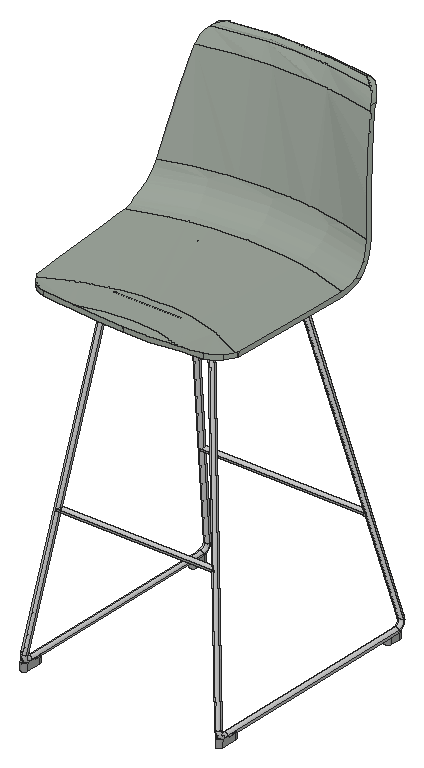
Revit family "FU_Stool_Sandler_VARYA_0069-PP", category Furniture, Revit 2020
Family settings
  OmniClass Number = 23.21.23.15.17
  Work Plane-Based = Yes
  Always vertical = No
  Cut with Voids When Loaded = No
  Shared = No
  Room Calculation Point = No
Parameters (values of type "VARYA 0069-PP")
  width = 465.000 mm
  Youtube clip = ""
  Uniformat II Description = "Movable Furnishings"
  Uniformat II Code = ""
  Uniclass 2015 Name = ""
  Uniclass 2015 Code = ""
  Uniclass 2.0 Description = ""
  Uniclass 2.0 Code = ""
  Uniclass 1.4 Description = ""
  Uniclass 1.4 Code = ""
  URL = "https://www.sandlerseating.com/product/varya-0069-pp/"
  UNSPSC Code = ""
  Shell = TP01 : TP01
  Height = 1120.000 mm
  Frame = BS19_Sled : BS19_Sled
  Technical description = ""
  Shell Material = Polypropylene - M2_V74
  Height Frame = 753.100 mm
  Frame Material = Metal - Chrome - Polished
  Depth = 515.000 mm
  401D = no
  Region South America = "All"
  Region Oceania = "All"
  Region North America = "All"
  Region Middle East = "All"
  Region Europe = "All"
  Region Asia = "All"
  Region Antarctica = "All"
  Region Africa = "All"
  QR code = "https://www.sandlerseating.com/product/varya-0069-pp/"
  Product url = ""
  Product name = "VARYA 0069-PP"
  Product group = "Stool"
  Product family = "Furniture"
  Product data url = "https://www.sandlerseating.com/product/varya-0069-pp/"
  Product certification = ""
  Product SKU = "??"
  Product Guid = "??"
  OmniClass Description = ""
  OmniClass Code = "23-21 23 15 17"
  NBS Reference Description = ""
  NBS Reference Code = ""
  Model = "VARYA 0069-PP"
  Masterformat 2014 Description = "Chair Mats"
  Masterformat 2014 Code = "12 48 43.13"
  Manufacturer name = "Sandler"
  Manufacturer country = "USA"
  Manufacturer = "Sandler"
  401G = no
  Installation instructions = ""
  IFC Classification = "Furnishing Element"
  GTIN code = ""
  Edition number = 1
  Design country = ""
  Description = "High back barstool with polypropylene shell and round steel tube sled base. Greenguard Certified."
  Default Elevation = 1219.200 mm
  Date of publishing = ""
  COBIe Type Category = ""
  Brand url = "https://www.sandlerseating.com/"
  BIMobject main category code = "furniture"
  BIMobject main category = "Furniture"
  BIMobject category code = "furniture-chair"
  BIMobject category = "Chair"
Reference planes
  plane 1 "Center Front/Back": y = 0
  plane 2: z = 0
  plane 3 "Center Left/Right": x = 0
  plane 4 "Heigth Shell": z = 753.1
  plane 5 "Height": z = 1120
  plane 6 "Front": y = -257.5
  plane 7 "Back": y = 257.5
  plane 8 "Right": x = -232.5
  plane 9 "Left": x = 232.5
Dimensions and locks
  equal spacing: plane 8 "Right", plane 3 "Center Left/Right", plane 9 "Left"
  "width": plane 8 "Right" to plane 9 "Left"
  equal spacing: plane 6 "Front", plane 1 "Center Front/Back", plane 7 "Back"
  "Depth": plane 6 "Front" to plane 7 "Back"
  "Height": plane 5 "Height" to level
  aligned and locked: level to plane 2
Nested families
  nested 1: "BS19_Sled" at (1.648, 1.25, 0), type <- "Frame", Frame Material <- "Frame Material", type "BS19_Sled"
    with Frame Material Metal - Chrome - Polished
  nested 2: "TP01" at (0, 15, 707.354), type <- "Shell", Shell Material <- "Shell Material", type "TP01"
    with Shell Material Polypropylene - M2_V74
Definition of nested family "BS19_Sled"
  Parameters (values of type "BS19_Sled")
    Frame Material [instance] = none
    Default Elevation = 0.000 mm
  Reference planes
    plane 1 "Center (Front/Back)": y = 0
    plane 2: z = 0
    plane 3 "Center (Left/Right)": x = 0
    plane 4 "Sled Right": x = -221
    plane 5 "Sled Left": x = 221
    plane 6 "Sled Back": y = 257.586
    plane 7 "Sled Front": y = -257.586
    plane 8 "Sled Base RC TOP": x = -215.033
    plane 9 "Sled Base LC TOP": x = 215.033
    plane 10 "Sled Base Height RIGHT": z = 33.049
    plane 11 "FRL Angle FRONT": through (-117.028, -1524, 733) normal (0.9907, 0, -0.1364)
    plane 12 "FLL Angle FRONT": through (117.028, -1524, 733) normal (0.9907, 0, 0.1364)
    plane 13 "Front Frame Top FRONT": z = 746.578
    plane 14 "Front Angle RIGHT": through (4267.2, -144.488, 746.726) normal (0, 0.9889, -0.1484)
    plane 15 "Sled Base C RIGHT": z = 15.919
    plane 16 "Back Frame Angle C RIGHT": through (4267.2, 83.284, 734.626) normal (0, 0.9724, 0.2333)
    plane 17 "Back Frame Top": z = 734.626
    plane 18 "Top Support C TOP": x = -90.021
  Forms (mm)
    Sweep 1, solid, material <- "Frame Material"
      path origin (213.878, 0, 29.442) x (-0.136372, 0, 0.990658) y (0, -1, 0)
        loop
          line (8.696, 250.6) -> (3.75, 251.335)
          arc (3.75, 251.335) -> (-8.277, 247.877) -> (-13.497, 236.504) r 15
          line (-13.497, 236.504) -> (-13.497, -235.191)
          arc (-13.497, -235.191) -> (-7.39, -247.765) -> (6.269, -250.741) r 16
      profile "Pro_Circles : 12mm" origin (213.029, -250.968, 35.607) x (-0.020045, -0.989139, 0.145613) y (-0.990658, 0, -0.136372)
        loop
          arc (-5.967, 0.067) -> (-4.287, -4.192) -> (-0.067, -5.967) r 5.901
          arc (-0.067, -5.967) -> (4.24, -4.24) -> (5.967, 0.067) r 5.902
          arc (5.967, 0.067) -> (4.192, 4.286) -> (-0.067, 5.967) r 5.901
          arc (-0.067, 5.967) -> (-4.238, 4.238) -> (-5.967, 0.067) r 5.9
    Sweep 2, solid, material <- "Frame Material"
      path origin (0, -250.895, 37.65) x (0, 0.148402, 0.988927) y (1, 0, 0)
        loop
          line (-4.182, -213.234) -> (703.99, -114.657)
          arc (703.99, -114.657) -> (713.236, -109.649) -> (716.922, -99.801) r 15
          line (716.922, -99.801) -> (716.922, 99.801)
          arc (716.922, 99.801) -> (713.236, 109.649) -> (703.99, 114.657) r 15
          line (703.99, 114.657) -> (-4.182, 213.234)
      profile "Pro_Circles : 12mm" origin (-163.946, -198.968, 383.68) x (0.99045, -0.02046, -0.136343) y (0, 0.988927, -0.148402)
        loop
          arc (-5.967, 0.067) -> (-4.287, -4.192) -> (-0.067, -5.967) r 5.901
          arc (-0.067, -5.967) -> (4.24, -4.24) -> (5.967, 0.067) r 5.902
          arc (5.967, 0.067) -> (4.192, 4.286) -> (-0.067, 5.967) r 5.901
          arc (-0.067, 5.967) -> (-4.238, 4.238) -> (-5.967, 0.067) r 5.9
    Sweep 3, solid, material <- "Frame Material"
      path origin (-213.878, 0, 29.442) x (0.136372, 0, 0.990658) y (0, -1, 0)
        loop
          line (8.696, 250.6) -> (3.75, 251.335)
          arc (3.75, 251.335) -> (-8.277, 247.877) -> (-13.497, 236.504) r 15
          line (-13.497, 236.504) -> (-13.497, -235.191)
          arc (-13.497, -235.191) -> (-7.39, -247.765) -> (6.269, -250.741) r 16
      profile "Pro_Circles : 12mm" origin (-213.029, -250.968, 35.607) x (-0.020045, 0.989139, -0.145613) y (0.990658, 0, -0.136372)
        loop
          arc (5.967, 0.067) -> (4.238, 4.238) -> (0.067, 5.967) r 5.9
          arc (0.067, 5.967) -> (-4.192, 4.286) -> (-5.967, 0.067) r 5.901
          arc (-5.967, 0.067) -> (-4.24, -4.24) -> (0.067, -5.967) r 5.902
          arc (0.067, -5.967) -> (4.287, -4.192) -> (5.967, 0.067) r 5.901
    Sweep 4, solid, material <- "Frame Material"
      path origin (0, 245.392, 58.867) x (0, -0.233272, 0.972411) y (1, 0, 0)
        loop
          line (-26.527, -213.399) -> (681.237, -119.033)
          arc (681.237, -119.033) -> (691.543, -113.259) -> (695.078, -101.987) r 16
          line (695.078, -101.987) -> (687.493, 0) -> (695.078, 101.987)
          arc (695.078, 101.987) -> (691.543, 113.259) -> (681.237, 119.033) r 16
          line (681.237, 119.033) -> (-26.527, 213.399)
      profile "Pro_Circles : 12mm" origin (-166.216, 169.029, 377.191) x (0.991228, 0.030829, -0.128514) y (0, 0.972411, 0.233272)
        loop
          arc (-5.967, 0.067) -> (-4.287, -4.192) -> (-0.067, -5.967) r 5.901
          arc (-0.067, -5.967) -> (4.24, -4.24) -> (5.967, 0.067) r 5.902
          arc (5.967, 0.067) -> (4.192, 4.286) -> (-0.067, 5.967) r 5.901
          arc (-0.067, 5.967) -> (-4.238, 4.238) -> (-5.967, 0.067) r 5.9
    Extrusion 5, solid, material <- "Frame Material"
      sketch origin (0, 0, 0) x (0, 1, 0) y (0, 0, 1)
        loop
          circle (-209.077, 316.163) r 6
      from -174 to 174
    Extrusion 6, solid, material <- "Frame Material"
      sketch origin (0, 0, 0) x (0, 1, 0) y (0, 0, 1)
        loop
          circle (198.973, 252.367) r 6
      from -182 to 182
    Sweep 7, solid, material <- "Frame Material"
      path origin (-90.021, 0, 0) x (0, -1, 0) y (0, 0, 1)
        loop
          line (144.488, 746.726) -> (-83.284, 734.626)
      profile origin (-90.021, -30.602, 740.676) x (0, -0.053049, -0.998592) y (-1, 0, 0)
        loop
          arc (5.752, 5.979) -> (0, 11.731) -> (-5.752, 5.979) r 5.752
          line (-5.752, 5.979) -> (-5.752, -5.979)
          arc (-5.752, -5.979) -> (0, -11.731) -> (5.752, -5.979) r 5.752
          line (5.752, -5.979) -> (5.752, 5.979)
    Sweep 8, solid, material <- "Frame Material"
      path origin (90.021, 0, 0) x (0, -1, 0) y (0, 0, -1)
        loop
          line (144.488, -746.726) -> (-83.284, -734.626)
      profile origin (90.021, -30.602, 740.676) x (0, 0.053049, 0.998592) y (1, 0, 0)
        loop
          line (-5.752, 5.979) -> (-5.752, -5.979)
          arc (-5.752, -5.979) -> (0, -11.731) -> (5.752, -5.979) r 5.752
          line (5.752, -5.979) -> (5.752, 5.979)
          arc (5.752, 5.979) -> (0, 11.731) -> (-5.752, 5.979) r 5.752
    Extrusion 9, solid
      sketch origin (0, 0, 0) x (1, 0, 0) y (0, 1, 0)
        loop
          arc (-207.533, -215.596) -> (-215.033, -208.096) -> (-222.533, -215.596) r 7.5
          line (-222.533, -215.596) -> (-222.533, -249.153)
          arc (-222.533, -249.153) -> (-215.033, -256.653) -> (-207.533, -249.153) r 7.5
          line (-207.533, -249.153) -> (-207.533, -215.596)
      from 0 to 15.919
    Extrusion 10, solid
      sketch origin (0, -12.421, 0) x (1, 0, 0) y (0, 1, 0)
        loop
          line (-207.533, 227.471) -> (-207.533, 249.153)
          arc (-207.533, 249.153) -> (-215.033, 256.653) -> (-222.533, 249.153) r 7.5
          line (-222.533, 249.153) -> (-222.533, 227.471)
          arc (-222.533, 227.471) -> (-215.033, 219.971) -> (-207.533, 227.471) r 7.5
      from 0 to 15.919
    Extrusion 11, solid
      sketch origin (0, 0, 0) x (-1, 0, 0) y (0, -1, 0)
        loop
          line (-207.533, 215.596) -> (-207.533, 249.153)
          arc (-207.533, 249.153) -> (-215.033, 256.653) -> (-222.533, 249.153) r 7.5
          line (-222.533, 249.153) -> (-222.533, 215.596)
          arc (-222.533, 215.596) -> (-215.033, 208.096) -> (-207.533, 215.596) r 7.5
      from 0 to 15.919
    Extrusion 12, solid
      sketch origin (0, -12.421, 0) x (-1, 0, 0) y (0, -1, 0)
        loop
          arc (-207.533, -227.471) -> (-215.033, -219.971) -> (-222.533, -227.471) r 7.5
          line (-222.533, -227.471) -> (-222.533, -249.153)
          arc (-222.533, -249.153) -> (-215.033, -256.653) -> (-207.533, -249.153) r 7.5
          line (-207.533, -249.153) -> (-207.533, -227.471)
      from 0 to 15.919
  Dimensions and locks
    equal spacing: plane 4 "Sled Right", plane 3 "Center (Left/Right)", plane 5 "Sled Left"
    plane 4 "Sled Right" to plane 5 "Sled Left" = 442.000 mm
    equal spacing: plane 6 "Sled Back", plane 1 "Center (Front/Back)", plane 7 "Sled Front"
    plane 6 "Sled Back" to plane 7 "Sled Front" = 515.171 mm
    aligned and locked: level to plane 2
  Automatic sketch dimensions
    Sweep 1 sketch curve to plane 7 "Sled Front" = 21.082 mm
    Sweep 1 sketch curve to Sweep 1 sketch curve = 15.000 mm
    Sweep 1 sketch curve to Sweep 1 sketch curve = 16.000 mm
    Sweep 1 sketch curve to plane 7 "Sled Front" = 6.251 mm
    plane 6 "Sled Back" to Sweep 1 sketch curve = 22.395 mm
    plane 6 "Sled Back" to Sweep 1 sketch curve = 6.844 mm
    Sweep 1 sketch curve to plane 7 "Sled Front" = 6.986 mm
    Sweep 1 sketch curve to Sweep 1 sketch curve = 4.946 mm
    plane 3 "Center (Left/Right)" to Sweep 2 sketch curve = 99.801 mm
    plane 18 "Top Support C TOP" to Sweep 2 sketch curve = 9.779 mm
    Sweep 2 sketch curve to Sweep 2 sketch curve = 0.000 mm  (x2)
    plane 18 "Top Support C TOP" to Sweep 2 sketch curve = 24.636 mm
    Sweep 2 sketch curve to Sweep 2 sketch curve = 2.068 mm
    Sweep 2 sketch curve to plane 9 "Sled Base LC TOP" = 100.376 mm
    Sweep 2 sketch curve to plane 8 "Sled Base RC TOP" = 1.799 mm
    Sweep 2 sketch curve to Sweep 2 sketch curve = 708.172 mm
    Sweep 2 sketch curve to plane 9 "Sled Base LC TOP" = 1.799 mm
    plane 7 "Sled Front" to Sweep 3 sketch curve = 21.082 mm
    Sweep 3 sketch curve to Sweep 3 sketch curve = 15.000 mm
    Sweep 3 sketch curve to Sweep 3 sketch curve = 16.000 mm
    plane 7 "Sled Front" to Sweep 3 sketch curve = 6.251 mm
    Sweep 3 sketch curve to plane 6 "Sled Back" = 22.395 mm
    Sweep 3 sketch curve to plane 6 "Sled Back" = 6.844 mm
    plane 7 "Sled Front" to Sweep 3 sketch curve = 6.986 mm
    Sweep 3 sketch curve to Sweep 3 sketch curve = 4.946 mm
    Sweep 4 sketch curve to plane 3 "Center (Left/Right)" = 0.000 mm
    plane 3 "Center (Left/Right)" to Sweep 4 sketch curve = 103.174 mm
    plane 18 "Top Support C TOP" to Sweep 4 sketch curve = 13.152 mm
    Sweep 4 sketch curve to Sweep 4 sketch curve = 0.000 mm  (x2)
    Sweep 4 sketch curve to plane 9 "Sled Base LC TOP" = 96.000 mm
    Sweep 4 sketch curve to Sweep 4 sketch curve = 2.115 mm  (x2)
    plane 18 "Top Support C TOP" to Sweep 4 sketch curve = 29.012 mm
    Sweep 4 sketch curve to Sweep 4 sketch curve = 8.371 mm
    plane 3 "Center (Left/Right)" to Sweep 4 sketch curve = 101.987 mm
    plane 18 "Top Support C TOP" to Sweep 4 sketch curve = 11.966 mm
    Sweep 4 sketch curve to plane 9 "Sled Base LC TOP" = 1.634 mm
    Sweep 4 sketch curve to Sweep 4 sketch curve = 707.763 mm
    Sweep 4 sketch curve to plane 8 "Sled Base RC TOP" = 1.634 mm
    plane 7 "Sled Front" to Extrusion 5 sketch curve = 48.509 mm
    Extrusion 5 sketch curve to plane 10 "Sled Base Height RIGHT" = 283.114 mm
    Extrusion 6 sketch curve to plane 16 "Back Frame Angle C RIGHT" = 0.000 mm
    Extrusion 6 sketch curve to plane 6 "Sled Back" = 58.612 mm
    Sweep 7 sketch curve to plane 16 "Back Frame Angle C RIGHT" = 0.000 mm
    Sweep 7 sketch curve to plane 17 "Back Frame Top" = 0.000 mm
    plane 14 "Front Angle RIGHT" to Sweep 7 sketch curve = 0.000 mm
    Sweep 7 sketch curve to plane 13 "Front Frame Top FRONT" = 0.148 mm
    profile plane to Sweep 7 sketch curve = 0.000 mm
    profile plane to Sweep 7 sketch curve = 5.752 mm
    Sweep 7 sketch curve to plane 18 "Top Support C TOP" = 5.979 mm
    plane 18 "Top Support C TOP" to Sweep 7 sketch curve = 5.979 mm
    Sweep 8 sketch curve to plane 16 "Back Frame Angle C RIGHT" = 0.000 mm
    Sweep 8 sketch curve to plane 17 "Back Frame Top" = 0.000 mm
    plane 14 "Front Angle RIGHT" to Sweep 8 sketch curve = 0.000 mm
    Sweep 8 sketch curve to plane 13 "Front Frame Top FRONT" = 0.148 mm
    Sweep 8 sketch curve to profile plane = 0.000 mm
    Sweep 8 sketch curve to Sweep 8 sketch curve = 5.752 mm
    Sweep 8 sketch curve to profile plane = 5.979 mm
    profile plane to Sweep 8 sketch curve = 5.979 mm
    Extrusion 9 sketch curve to plane 8 "Sled Base RC TOP" = 0.000 mm
    plane 4 "Sled Right" to Extrusion 9 sketch curve = 1.533 mm
    plane 7 "Sled Front" to Extrusion 9 sketch curve = 8.433 mm
    Extrusion 9 sketch curve to Extrusion 9 sketch curve = 33.557 mm
    Extrusion 10 sketch curve to plane 8 "Sled Base RC TOP" = 0.000 mm
    Extrusion 10 sketch curve to plane 4 "Sled Right" = 1.533 mm
    plane 6 "Sled Back" to Extrusion 10 sketch curve = 20.854 mm
    Extrusion 10 sketch curve to Extrusion 10 sketch curve = 21.682 mm
    Extrusion 11 sketch curve to plane 9 "Sled Base LC TOP" = 0.000 mm
    plane 5 "Sled Left" to Extrusion 11 sketch curve = 1.533 mm
    Extrusion 11 sketch curve to plane 7 "Sled Front" = 8.433 mm
    Extrusion 11 sketch curve to Extrusion 11 sketch curve = 33.557 mm
    Extrusion 12 sketch curve to plane 9 "Sled Base LC TOP" = 0.000 mm
    Extrusion 12 sketch curve to plane 5 "Sled Left" = 1.533 mm
    Extrusion 12 sketch curve to plane 6 "Sled Back" = 20.854 mm
    Extrusion 12 sketch curve to Extrusion 12 sketch curve = 21.682 mm
    radius of Extrusion 5 sketch curve = 6.000 mm
    radius of Extrusion 6 sketch curve = 6.000 mm
Definition of nested family "TP01"
  Parameters (values of type "TP01")
    Youtube clip = ""
    Uniformat II Description = "Movable Furnishings"
    Uniformat II Code = ""
    Uniclass 2015 Name = ""
    Uniclass 2015 Code = ""
    Uniclass 2.0 Description = ""
    Uniclass 2.0 Code = ""
    Uniclass 1.4 Description = ""
    Uniclass 1.4 Code = ""
    UNSPSC Code = ""
    Technical description = ""
    Default Elevation = 1219.200 mm
    401D = no
    Region South America = "All"
    Region Oceania = "All"
    Region North America = "All"
    Region Middle East = "All"
    Region Europe = "All"
    Region Asia = "All"
    Region Antarctica = "All"
    Region Africa = "All"
    QR code = "https://www.sandlerseating.com/product/dunas-lounge-5-1/"
    Product url = ""
    Product name = "Dunas Lounge 5.1"
    Product group = "Chair"
    Product family = "Furniture"
    Product data url = "https://www.sandlerseating.com/product/dunas-lounge-5-1/"
    Product certification = ""
    Product SKU = "??"
    Product Guid = "??"
    OmniClass Description = ""
    OmniClass Code = "23-21 23 15 17"
    NBS Reference Description = ""
    NBS Reference Code = ""
    Model = "Dunas Lounge 5.1"  # constant formula
    Masterformat 2014 Description = "Chair Mats"
    Masterformat 2014 Code = "12 48 43.13"
    Manufacturer name = "Sandler"
    Manufacturer country = "USA"
    Manufacturer = "Sandler"  # constant formula
    401G = yes
    Installation instructions = ""
    IFC Classification = "Furnishing Element"
    GTIN code = ""
    Edition number = 1
    Design country = "Brasil"
    Description = "Chair"  # constant formula
    Date of publishing = ""
    COBIe Type Category = ""
    Brand url = "https://www.sandlerseating.com/"
    Shell Material [instance] = none
    BIMobject main category code = "furniture"
    BIMobject main category = "Furniture"
    BIMobject category code = "furniture-chair"
    BIMobject category = "Chair"
  Reference planes
    plane 1 "Center Front/Back": y = 0
    plane 2: z = 0
    plane 3 "Center Left/Right": x = 0
    plane 4: y = 234.279
    plane 5: x = 400
    plane 6: x = -400
    plane 7: y = -500
    plane 8: x = -600
    plane 9: x = 600
  Forms (mm)
    SweptBlend 1, solid, material <- "Shell Material"
      path origin (5.681, -212.5, 0) x (1, 0, 0) y (0, 1, 0)
        loop
          arc (-317.221, 139.285) -> (-9.402, 229.926) -> (301.107, 148.975) r 600
      profile "Profile Lateral : Profile Lateral" origin (-311.539, -73.215, 0) x (-0.528701, 0.848808, 0) y (0, 0, 1)
        loop
          arc (220.072, 373.875) -> (220.776, 379.083) -> (216.324, 381.876) r 4.851
          arc (216.324, 381.876) -> (209.979, 378.228) -> (205.376, 372.537) r 19.958
          arc (205.376, 372.537) -> (196.162, 356.573) -> (188.635, 339.748) r 179.403
          arc (188.635, 339.748) -> (162.543, 233.058) -> (144.335, 124.743) r 1498.854
          arc (144.335, 124.743) -> (120.197, 79.841) -> (74.028, 58.225) r 81.068
          line (74.028, 58.225) -> (-180.577, 50.222)
          arc (-180.577, 50.222) -> (-217.915, 49.974) -> (-255.089, 46.48) r 428.848
          arc (-255.089, 46.48) -> (-277.323, 40.838) -> (-297.701, 30.309) r 100.67
          arc (-297.701, 30.309) -> (-299.067, 23.371) -> (-292.129, 22.005) r 5
          arc (-292.129, 22.005) -> (-273.768, 31.491) -> (-253.736, 36.572) r 90.67
          arc (-253.736, 36.572) -> (-217.251, 39.995) -> (-180.606, 40.216) r 418.848
          line (-180.606, 40.216) -> (74.763, 48.243)
          arc (74.763, 48.243) -> (126.989, 72.501) -> (154.223, 123.238) r 91.068
          arc (154.223, 123.238) -> (172.269, 230.706) -> (198.126, 336.566) r 1488.854
          arc (198.126, 336.566) -> (205.277, 352.434) -> (214.019, 367.485) r 169.403
          arc (214.019, 367.485) -> (216.964, 370.757) -> (220.072, 373.875) r 86.344
      end profile "Profile Lateral : Profile Lateral" origin (306.788, -63.525, 0) x (0.501844, 0.864958, 0) y (0, 0, 1)
        loop
          arc (220.072, 373.875) -> (220.776, 379.083) -> (216.324, 381.876) r 4.851
          arc (216.324, 381.876) -> (209.979, 378.228) -> (205.376, 372.537) r 19.958
          arc (205.376, 372.537) -> (196.162, 356.573) -> (188.635, 339.748) r 179.403
          arc (188.635, 339.748) -> (162.543, 233.058) -> (144.335, 124.743) r 1498.854
          arc (144.335, 124.743) -> (120.197, 79.841) -> (74.028, 58.225) r 81.068
          line (74.028, 58.225) -> (-180.577, 50.222)
          arc (-180.577, 50.222) -> (-217.915, 49.974) -> (-255.089, 46.48) r 428.848
          arc (-255.089, 46.48) -> (-277.323, 40.838) -> (-297.701, 30.309) r 100.67
          arc (-297.701, 30.309) -> (-299.067, 23.371) -> (-292.129, 22.005) r 5
          arc (-292.129, 22.005) -> (-273.768, 31.491) -> (-253.736, 36.572) r 90.67
          arc (-253.736, 36.572) -> (-217.251, 39.995) -> (-180.606, 40.216) r 418.848
          line (-180.606, 40.216) -> (74.763, 48.243)
          arc (74.763, 48.243) -> (126.989, 72.501) -> (154.223, 123.238) r 91.068
          arc (154.223, 123.238) -> (172.269, 230.706) -> (198.126, 336.566) r 1488.854
          arc (198.126, 336.566) -> (205.277, 352.434) -> (214.019, 367.485) r 169.403
          arc (214.019, 367.485) -> (216.964, 370.757) -> (220.072, 373.875) r 86.344
    Extrusion 2, void
      sketch origin (5.681, 0, 0) x (1, 0, 0) y (0, 1, 0)
        loop
          line (-247.765, 106.22) -> (-247.765, 266.22) -> (-487.765, 266.22) -> (-487.765, -333.78) -> (-7.5, -333.78) -> (472.765, -333.78) -> (472.765, 266.22) -> (232.765, 266.22) -> (232.765, 106.22) -> (213.357, -213.191)
          arc (213.357, -213.191) -> (196.502, -241.247) -> (166.837, -255.077) r 55.957
          arc (166.837, -255.077) -> (79.688, -257.728) -> (-7.5, -258.12) r 3363.946
          arc (-7.5, -258.12) -> (-94.688, -257.728) -> (-181.837, -255.077) r 3363.946
          arc (-181.837, -255.077) -> (-211.502, -241.247) -> (-228.357, -213.191) r 55.957
          line (-228.357, -213.191) -> (-247.765, 106.22)
      from 0 to 250
    Extrusion 3, void
      sketch origin (5.681, 0, 0) x (1, 0, 0) y (0, 0, 1)
        loop
          line (232.252, 65.67) -> (445.023, 65.67) -> (445.023, 415.67) -> (145.999, 415.67) -> (145.999, 382.34)
          arc (145.999, 382.34) -> (169.969, 371.303) -> (183.516, 348.657) r 44.637
          line (183.516, 348.657) -> (232.252, 65.67)
        loop
          line (-246.936, 65.67) -> (-200.298, 330.165) -> (-196.12, 348.236)
          arc (-196.12, 348.236) -> (-183.265, 370.366) -> (-160.18, 381.415) r 43.434
          line (-160.18, 381.415) -> (-160.18, 415.67) -> (-460.023, 415.67) -> (-460.023, 65.67) -> (-246.936, 65.67)
      from -241.575 to -57.793
  Cuts and joins
    Extrusion 2, Extrusion 3 cuts SweptBlend 1
  Dimensions and locks
    equal spacing: plane 6, plane 3 "Center Left/Right", plane 5
    plane 6 to plane 3 "Center Left/Right" = 400.000 mm
    aligned and locked: level to plane 2
  Automatic sketch dimensions
    plane 3 "Center Left/Right" to SweptBlend 1 sketch curve = 5.681 mm
    SweptBlend 1 sketch curve to plane 7 = 82.500 mm
    plane 6 to SweptBlend 1 sketch curve = 88.461 mm
    SweptBlend 1 sketch curve to plane 5 = 93.212 mm
    plane 1 "Center Front/Back" to SweptBlend 1 sketch curve = 73.215 mm
    Extrusion 2 sketch curve to plane 3 "Center Left/Right" = 1.819 mm  (x2)
    Extrusion 2 sketch curve to plane 3 "Center Left/Right" = 30.298 mm
    Extrusion 2 sketch curve to plane 3 "Center Left/Right" = 168.378 mm
    Extrusion 2 sketch curve to Extrusion 2 sketch curve = 54.298 mm  (x2)
    plane 6 to Extrusion 2 sketch curve = 157.917 mm
    Extrusion 2 sketch curve to plane 6 = 82.083 mm
    plane 3 "Center Left/Right" to Extrusion 2 sketch curve = 26.661 mm
    plane 3 "Center Left/Right" to Extrusion 2 sketch curve = 164.741 mm
    Extrusion 2 sketch curve to plane 5 = 161.554 mm
    plane 5 to Extrusion 2 sketch curve = 78.446 mm
    plane 1 "Center Front/Back" to Extrusion 2 sketch curve = 213.191 mm  (x2)
    Extrusion 2 sketch curve to Extrusion 2 sketch curve = 13.528 mm  (x2)
    Extrusion 2 sketch curve to plane 1 "Center Front/Back" = 106.220 mm  (x2)
    plane 4 to Extrusion 2 sketch curve = 31.941 mm  (x2)
    Extrusion 2 sketch curve to Extrusion 2 sketch curve = 2839.485 mm
    Extrusion 2 sketch curve to Extrusion 2 sketch curve = 0.000 mm
    plane 7 to Extrusion 2 sketch curve = 166.220 mm
    Extrusion 2 sketch curve to Extrusion 2 sketch curve = 7.778 mm
    Extrusion 3 sketch curve to plane 6 = 54.341 mm
    level to Extrusion 3 sketch curve = 65.670 mm  (x2)
    plane 6 to Extrusion 3 sketch curve = 158.746 mm
    plane 6 to Extrusion 3 sketch curve = 205.383 mm
    Extrusion 3 sketch curve to Extrusion 3 sketch curve = 4.178 mm
    Extrusion 3 sketch curve to Extrusion 3 sketch curve = 35.941 mm
    Extrusion 3 sketch curve to Extrusion 3 sketch curve = 6.377 mm
    plane 3 "Center Left/Right" to Extrusion 3 sketch curve = 145.830 mm
    Extrusion 3 sketch curve to Extrusion 3 sketch curve = 5.851 mm
    plane 5 to Extrusion 3 sketch curve = 50.704 mm
    Extrusion 3 sketch curve to Extrusion 3 sketch curve = 264.495 mm
    Extrusion 3 sketch curve to Extrusion 3 sketch curve = 272.419 mm
    Extrusion 3 sketch curve to Extrusion 3 sketch curve = 8.287 mm
    Extrusion 3 sketch curve to Extrusion 3 sketch curve = 18.071 mm
    Extrusion 3 sketch curve to Extrusion 3 sketch curve = 44.252 mm
    Extrusion 3 sketch curve to Extrusion 3 sketch curve = 34.255 mm
    Extrusion 3 sketch curve to Extrusion 3 sketch curve = 33.330 mm
    Extrusion 3 sketch curve to Extrusion 3 sketch curve = 43.368 mm
    Extrusion 3 sketch curve to plane 5 = 162.066 mm
